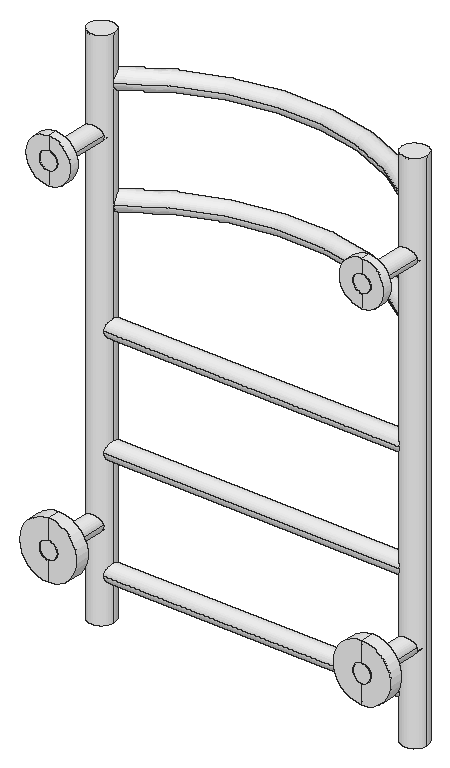
Revit family "LC-35_5", category Generic Models, host Wall, Revit 2017
Family settings
  Host = Wall
  Can host rebar = No
  Round Connector Dimension = Use Diameter
  Part Type = Normal
  Always vertical = Yes
  Cut with Voids When Loaded = No
  Shared = No
  Room Calculation Point = No
Parameters (values of type "LC-35/5")
  URL = "http://www.sentakia.com"
  Teho = "kromi: 70 W maalattu: 91 W"
  Sentakia_Material_Default = Steel Chrome plated_sentakia
  Model = "LC-35/5"
  Materiaali = "kromattu messinki (CuZn36As)"
  Manufacturer = "Sentakia Oy"
  Leveys = 350 mm  # constant formula
  LVI = "5489951"
  Keynote = "6120"
  Height = 590 mm  # constant formula
  EAN = "4770046007047"
  Depth = 88 mm  # constant formula
  Assembly Code = ""
Reference planes
  plane 1 "Wall": y = 0
  plane 2 "Center (Left/Right)": x = 125
  plane 3 "Back": y = 75
  plane 4: z = 1900
  plane 5: y = 163
  plane 6: y = 135
  plane 7 "Center of lower handler": z = 1410
  plane 8: z = 1800
  plane 9: z = 1790
  plane 10: z = 1420
  plane 11: z = 1400
  plane 12 "r": x = 300
  plane 13 "l": x = -50
  plane 14: y = 149
  plane 15: y = 159
  plane 16: y = 139
  plane 17 "Tikas1": z = 1850
  plane 18 "Tikas2": z = 1727.5
  plane 19 "Tikas3": z = 1605
  plane 20 "Tikas4": z = 1482.5
  plane 21 "Bottom": z = 1310
  plane 22: y = 225
  plane 23 "Tikas5": z = 1360
  plane 24: y = 215
Forms (mm)
  Extrusion 1, solid, material "Steel Chrome plated_sentakia" <- "Sentakia_Material_Default", detail levels medium+fine
    sketch origin (0, 0, 0) x (1, 0, 0) y (0, 0, 1)
      loop
        circle (300, 1410) r 10
    from -149 to -75
  Extrusion 2, solid, material "Steel Chrome plated_sentakia" <- "Sentakia_Material_Default", detail levels medium+fine
    sketch origin (0, 0, 0) x (1, 0, 0) y (0, 0, 1)
      loop
        circle (-50, 1410) r 10
    from -149 to -75
  Extrusion 3, solid, material "Steel Chrome plated_sentakia" <- "Sentakia_Material_Default", detail levels medium+fine
    sketch origin (0, 0, 310) x (1, 0, 0) y (0, 0, 1)
      loop
        circle (-50, 1490) r 10
    from -149 to -75
  Extrusion 4, solid, material "Steel Chrome plated_sentakia" <- "Sentakia_Material_Default", detail levels medium+fine
    sketch origin (0, 0, 0) x (1, 0, 0) y (0, 1, 0)
      loop
        circle (-50, 149) r 14
    from 1310 to 1900
  Extrusion 5, solid, material "Steel Chrome plated_sentakia" <- "Sentakia_Material_Default", detail levels medium+fine
    sketch origin (0, 0, 0) x (1, 0, 0) y (0, 1, 0)
      loop
        circle (300, 149) r 14
    from 1310 to 1900
  Revolve 6, solid, material "Steel Chrome plated_sentakia" <- "Sentakia_Material_Default", detail levels medium+fine
    sketch origin (300, 0, 0) x (0, 0, 1) y (0, 1, 0)
      loop
        line (1420, 75.434) -> (1442, 75.434) -> (1442, 90.434) -> (1420, 100.434) -> (1420, 75.434)
      axis (1410, 75.434) -> (1410, 100.434)
    angle from 0 to 360
  Revolve 7, solid, material "Steel Chrome plated_sentakia" <- "Sentakia_Material_Default", detail levels medium+fine
    sketch origin (-50, 0, 0) x (0, 0, 1) y (0, 1, 0)
      loop
        line (1420, 75) -> (1442, 75) -> (1442, 90) -> (1420, 100) -> (1420, 75)
      axis (1410, 75) -> (1410, 100)
    angle from 0 to 360
  Revolve 8, solid, material "Steel Chrome plated_sentakia" <- "Sentakia_Material_Default", detail levels medium+fine
    sketch origin (300, 0, 0) x (0, 0, 1) y (0, 1, 0)
      loop
        line (1810, 75) -> (1825, 75) -> (1825, 85) -> (1810, 85) -> (1810, 75)
      axis (1800, 75) -> (1800, 85)
    angle from 0 to 360
  Revolve 9, solid, material "Steel Chrome plated_sentakia" <- "Sentakia_Material_Default", detail levels medium+fine
    sketch origin (-50, 0, 0) x (0, 0, 1) y (0, 1, 0)
      loop
        line (1810, 75) -> (1825, 75) -> (1825, 85) -> (1810, 85) -> (1810, 75)
      axis (1800, 75) -> (1800, 85)
    angle from 0 to 360
  Extrusion 10, solid, material "Steel Chrome plated_sentakia" <- "Sentakia_Material_Default", detail levels medium+fine
    sketch origin (0, 0, 0) x (1, 0, 0) y (0, 0, 1)
      loop
        circle (300, 1800) r 10
    from -149 to -75
  Extrusion 11, solid, detail levels coarse
    sketch origin (125, 0, 0) x (0, 1, 0) y (0, 0, 1)
      loop
        line (225, 1900) -> (75, 1900) -> (75, 1310) -> (225, 1310) -> (225, 1900)
    from -175 to 175
  Sweep 12, solid, material "Steel Chrome plated_sentakia" <- "Sentakia_Material_Default", detail levels medium+fine
    path origin (0, 0, 1850) x (0, 1, 0) y (-1, 0, 0)
      loop
        arc (149, 50) -> (215, -125) -> (149, -300) r 265.008
    profile origin (125, 215, 1850) x (0, 1, 0) y (0, 0, 1)
      loop
        circle (0, 0) r 10
  Extrusion 13, solid, material "Steel Chrome plated_sentakia" <- "Sentakia_Material_Default", detail levels medium+fine
    sketch origin (125, 0, 0) x (0, 1, 0) y (0, 0, 1)
      loop
        circle (149, 1605) r 10
    from -175 to 175
  Extrusion 14, solid, material "Steel Chrome plated_sentakia" <- "Sentakia_Material_Default", detail levels medium+fine
    sketch origin (125, 0, -199.015) x (0, 1, 0) y (0, 0, 1)
      loop
        circle (149, 1559.015) r 10
    from -175 to 175
  Extrusion 15, solid, material "Steel Chrome plated_sentakia" <- "Sentakia_Material_Default", detail levels medium+fine
    sketch origin (125, 0, -156.667) x (0, 1, 0) y (0, 0, 1)
      loop
        circle (149, 1639.167) r 10
    from -175 to 175
  Sweep 16, solid, material "Steel Chrome plated_sentakia" <- "Sentakia_Material_Default", detail levels medium+fine
    path origin (0, 0, 1727.5) x (0, 1, 0) y (-1, 0, 0)
      loop
        arc (150, 50) -> (215, -125) -> (150, -300) r 268.077
    profile origin (125, 215, 1727.5) x (0, 1, 0) y (0, 0, 1)
      loop
        circle (0, 0) r 10
Cuts and joins
  joined: Extrusion 4, Extrusion 5, Sweep 12, Extrusion 13, Extrusion 14, Extrusion 15, Sweep 16
Text (mm)
  text "Placement Side" at (-1848.837, 1116.779, 0), in view "Ref. Level"
  text "Placement side" at (0, 1409.804, 2854.306), in view "Left"
  text "Placement side" at (0, 499.811, 2980.732), in view "Right"
Dimensions and locks
  locked: plane 3 "Back" to host wall
  "Depth": plane 5 to host wall
  locked: plane 5 to plane 6 at 28
  "Leveys": plane 13 "l" to plane 12 "r"
  plane 8 to level = 1800 mm
  locked: host wall to plane 14 at 74
  locked: plane 15 to plane 16 at 20
  plane 21 "Bottom" to plane 7 "Center of lower handler" = 100 mm
  plane 4 to plane 8 = 100 mm
  equal spacing: plane 13 "l", plane 2 "Center (Left/Right)", plane 12 "r"
  "Height": plane 21 "Bottom" to plane 4
  equal spacing: plane 23 "Tikas5", plane 20 "Tikas4", plane 19 "Tikas3", plane 18 "Tikas2", plane 17 "Tikas1"
  plane 22 to Extrusion 11 = 150 mm
  plane 17 "Tikas1" to plane 4 = 50 mm
  plane 21 "Bottom" to plane 23 "Tikas5" = 50 mm
  locked: plane 21 "Bottom" to plane 7 "Center of lower handler" at 100
  locked: plane 8 to plane 4 at 100
  locked: plane 22 to plane 24 at 10
  aligned and locked: plane 1 "Wall" to host wall
  aligned and locked: Extrusion 1 to host wall
  aligned and locked: Extrusion 2 to host wall
  aligned and locked: Extrusion 3 to host wall
  aligned and locked: Extrusion 2 to plane 14
  aligned and locked: Extrusion 1 to Extrusion 2
  aligned and locked: plane 4 to Extrusion 4
  aligned and locked: plane 4 to Extrusion 5
  aligned and locked: Revolve 8 sketch curve to plane 8
  aligned and locked: Revolve 9 sketch curve to plane 8
  aligned and locked: Extrusion 10 to host wall
  aligned and locked: plane 13 "l" to Extrusion 3 sketch curve
  aligned and locked: plane 7 "Center of lower handler" to Revolve 7 sketch curve
  aligned and locked: Revolve 6 sketch curve to plane 7 "Center of lower handler"
  aligned and locked: plane 12 "r" to Extrusion 10 sketch curve
  aligned and locked: plane 8 to Extrusion 10 sketch curve
  aligned and locked: Extrusion 3 to Extrusion 10
  aligned and locked: Extrusion 10 to plane 14
  aligned and locked: plane 3 "Back" to Revolve 7
  aligned and locked: cut or joined group of Extrusion 4, Extrusion 5, Sweep 12, Extrusion 13, Extrusion 14, Extrusion 15, Sweep 16 to plane 21 "Bottom"  (x2)
  aligned and locked: plane 4 to Extrusion 11
  aligned and locked: Extrusion 11 to cut or joined group of Extrusion 4, Extrusion 5, Sweep 12, Extrusion 13, Extrusion 14, Extrusion 15, Sweep 16
  aligned and locked: Extrusion 11 to plane 12 "r"
  aligned and locked: plane 13 "l" to Extrusion 11
  aligned and locked: Extrusion 11 to host wall
  aligned and locked: plane 22 to Extrusion 11
  aligned and locked: Extrusion 13 to plane 12 "r"
  aligned and locked: plane 13 "l" to Extrusion 13
  aligned and locked: plane 19 "Tikas3" to Extrusion 13 sketch curve
  aligned and locked: plane 23 "Tikas5" to Extrusion 14 sketch curve
  aligned and locked: plane 20 "Tikas4" to Extrusion 15 sketch curve
Automatic sketch dimensions
  Extrusion 1 sketch curve to plane 7 "Center of lower handler" = 0 mm
  plane 12 "r" to Extrusion 1 sketch curve = 0 mm
  Extrusion 2 sketch curve to plane 7 "Center of lower handler" = 0 mm
  plane 13 "l" to Extrusion 2 sketch curve = 0 mm
  Extrusion 3 sketch curve to plane 8 = 0 mm
  Extrusion 4 sketch curve to plane 13 "l" = 0 mm
  plane 14 to Extrusion 4 sketch curve = 0 mm
  Extrusion 5 sketch curve to plane 12 "r" = 0 mm
  plane 14 to Extrusion 5 sketch curve = 0 mm
  Revolve 8 sketch curve to host wall = 0 mm  (x2)
  plane 8 to Revolve 8 sketch curve = 10 mm
  Revolve 8 sketch curve to Revolve 8 sketch curve = 15 mm
  host wall to Revolve 8 sketch curve = 10 mm
  plane 6 to Revolve 8 sketch curve = 20 mm
  Revolve 9 sketch curve to host wall = 0 mm  (x2)
  Revolve 9 sketch curve to Revolve 9 sketch curve = 10 mm
  Revolve 9 sketch curve to Revolve 9 sketch curve = 15 mm
  host wall to Revolve 9 sketch curve = 10 mm
  plane 6 to Revolve 9 sketch curve = 20 mm
  Extrusion 11 sketch curve to host wall = 0 mm
  Extrusion 11 sketch curve to plane 21 "Bottom" = 0 mm
  Extrusion 11 sketch curve to plane 22 = 0 mm
  Extrusion 11 sketch curve to plane 4 = 0 mm
  Sweep 12 sketch curve to plane 17 "Tikas1" = 0 mm
  Sweep 12 sketch curve to profile plane = 0 mm
  Extrusion 13 sketch curve to plane 14 = 0 mm
  Extrusion 14 sketch curve to plane 14 = 0 mm
  Extrusion 15 sketch curve to plane 14 = 0 mm
  Sweep 16 sketch curve to profile plane = 0 mm  (x2)
  Sweep 12 sketch curve to plane 2 "Center (Left/Right)" = 0 mm
  Sweep 12 sketch curve to plane 12 "r" = 0 mm
  plane 14 to Sweep 12 sketch curve = 0 mm
  Sweep 12 sketch curve to plane 13 "l" = 0 mm
  plane 1 "Wall" to Sweep 12 sketch curve = 50.008 mm
  Sweep 16 sketch curve to plane 2 "Center (Left/Right)" = 0 mm
  Sweep 16 sketch curve to plane 12 "r" = 0 mm
  Sweep 16 sketch curve to plane 13 "l" = 0 mm
  plane 1 "Wall" to Sweep 16 sketch curve = 53.077 mm
  Sweep 16 sketch curve to plane 14 = 1 mm
  Revolve 7 sketch curve to plane 10 = 0 mm
  Revolve 7 sketch curve to host wall = 0 mm
  plane 10 to Revolve 7 sketch curve = 22 mm
  host wall to Revolve 7 sketch curve = 15 mm
  Revolve 7 sketch curve to host wall = 0.781 mm
  Revolve 7 sketch curve to Revolve 7 sketch curve = 10 mm
  plane 6 to Revolve 7 sketch curve = 13.43 mm
  Revolve 6 sketch curve to plane 10 = 0 mm
  plane 10 to Revolve 6 sketch curve = 22 mm
  host wall to Revolve 6 sketch curve = 0.434 mm
  Revolve 6 sketch curve to Revolve 6 sketch curve = 15 mm
  Revolve 6 sketch curve to host wall = 0.781 mm
  Revolve 6 sketch curve to Revolve 6 sketch curve = 10 mm
  plane 6 to Revolve 6 sketch curve = 13.43 mm
  radius of Extrusion 1 sketch curve = 10 mm
  radius of Extrusion 2 sketch curve = 10 mm
  radius of Extrusion 3 sketch curve = 10 mm
  radius of Extrusion 4 sketch curve = 14 mm
  radius of Extrusion 5 sketch curve = 14 mm
  radius of Extrusion 10 sketch curve = 10 mm
  radius of Sweep 12 sketch curve = 10 mm
  radius of Extrusion 13 sketch curve = 10 mm
  radius of Extrusion 14 sketch curve = 10 mm
  radius of Extrusion 15 sketch curve = 10 mm
  radius of Sweep 16 sketch curve = 10 mm
Connectors
  piping at (300, 75, 1410), diameter 12
    settings: on Extrusion 1, index 1, connector inside diameter 609.6 mm, connector length 0 mm, flow factor 0, pipe flow 0.0 L/s, pressure drop 0.0 Pa, fitting loss kfactor 0, connector angle 0.00°, fixture units 0, engagement length 0 mm, angle of deflection 0.00°, flow configuration 0, flow direction 0, fitting loss method 0, system type 22, joint type 0, gender type 0, connector reference index -1, connector utility 0, adjustable connector no, is connector primary yes, connector description ""
  piping at (300, 75, 1410), diameter 12
    settings: on Extrusion 1, index 2, connector inside diameter 609.6 mm, connector length 0 mm, flow factor 0, pipe flow 0.0 L/s, pressure drop 0.0 Pa, fitting loss kfactor 0, connector angle 0.00°, fixture units 0, engagement length 0 mm, angle of deflection 0.00°, flow configuration 0, flow direction 0, fitting loss method 0, system type 22, joint type 0, gender type 0, connector reference index -1, connector utility 0, adjustable connector no, is connector primary no, connector description ""
  piping at (-50, 75, 1410), diameter 12
    settings: on Extrusion 2, index 3, connector inside diameter 609.6 mm, connector length 0 mm, flow factor 0, pipe flow 0.0 L/s, pressure drop 0.0 Pa, fitting loss kfactor 0, connector angle 0.00°, fixture units 0, engagement length 0 mm, angle of deflection 0.00°, flow configuration 0, flow direction 0, fitting loss method 0, system type 22, joint type 0, gender type 0, connector reference index -1, connector utility 0, adjustable connector no, is connector primary no, connector description ""
